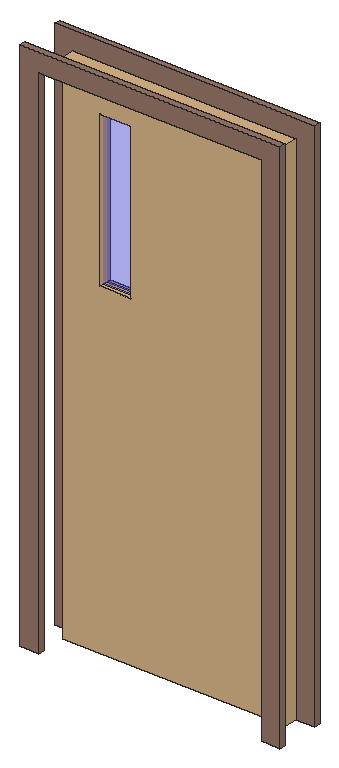
Revit family
Parameters (values of type "0915 x 2134mm")
  Thickness = 51.00 mm
  문 재료 = 문 - 패널
  프레임 재료 = 문 - 프레임
  Height = 2134.00 mm
  라이트 높이 = 635.00 mm
  라이트 폭 = 127.00 mm
  측면 난간 = 152.00 mm
  상단 난간 = 152.00 mm
  자르기 투영 = 25.00 mm
  자르기 폭 외부 = 76.00 mm
  자르기 폭 내부 = 76.00 mm
  Wall Closure = (empty or 0)
  Width = 915.00 mm
Types (7, lengths in mm): name | Height | 측면 난간 | 상단 난간 | Width
  0915 x 2134mm | 2134.00 | 152.00 | 152.00 | 915.00
  0813 x 2134mm | 2134.00 | 152.00 | 152.00 | 813.00
  0762 x 2134mm | 2134.00 | 152.00 | 152.00 | 762.00
  0762 x 2032mm | 2032.00 | 152.00 | 152.00 | 762.00
  0915 x 2032mm | 2032.00 | 154.00 | 154.00 | 915.00
  0864 x 2032mm | 2032.00 | 154.00 | 154.00 | 864.00
  0864 x 2134mm | 2134.00 | 154.00 | 154.00 | 864.00
Reference planes
  plane 1: y = 0
  plane 2: z = 0
  plane 3: x = 0
  plane 4: x = -457.5
  plane 5: x = 457.5
  plane 6: z = 2134
  plane 7: x = -305.5
  plane 8: x = -178.5
  plane 9: z = 1982
  plane 10: z = 1347
Forms (mm)
  Extrusion 1, solid, material "문 - 패널" <- "문 재료"
    sketch origin (-1524, -76.2, 0) x (1, 0, 0) y (0, 0, 1)
      loop
        line (1981.5, 2134) -> (1066.5, 2134) -> (1066.5, 0) -> (1981.5, 0) -> (1981.5, 2134)
      loop
        line (1345.5, 1982) -> (1218.5, 1982) -> (1218.5, 1347) -> (1345.5, 1347) -> (1345.5, 1982)
    from -152.4 to -101.4
  Extrusion 2, solid, material "유리"
    sketch origin (-1524, 25.2, 0) x (1, 0, 0) y (0, 0, 1)
      loop
        line (1345.5, 1982) -> (1218.5, 1982) -> (1218.5, 1347) -> (1345.5, 1347) -> (1345.5, 1982)
    from -38.3 to -31.95
  Extrusion 3, solid, material "유리"
    sketch origin (-1524, 25.2, 0) x (1, 0, 0) y (0, 0, 1)
      loop
        line (1218.5, 1982) -> (1218.5, 1347) -> (1345.5, 1347) -> (1345.5, 1982) -> (1218.5, 1982)
    from -19.25 to -12.9
  Extrusion 4, solid, material "문 - 프레임" <- "프레임 재료"
    sketch origin (-1524, -76.2, 0) x (1, 0, 0) y (0, 0, 1)
      loop
        line (1066.5, 2134) -> (1981.5, 2134) -> (1981.5, 0) -> (2057.5, 0) -> (2057.5, 2210) -> (990.5, 2210) -> (990.5, 0) -> (1066.5, 0) -> (1066.5, 2134)
    from 0 to 25
  Extrusion 5, solid, material "문 - 프레임" <- "프레임 재료"
    sketch origin (-1524, 76.2, 0) x (-1, 0, 0) y (0, 0, 1)
      loop
        line (-2057.5, 2210) -> (-2057.5, 0) -> (-1981.5, 0) -> (-1981.5, 2134) -> (-1066.5, 2134) -> (-1066.5, 0) -> (-990.5, 0) -> (-990.5, 2210) -> (-2057.5, 2210)
    from 0.4 to 25.4
Lines and regions (mm)
  Opening 1
    outline origin (-1524, -76.2, 3657.6) x (0, 0, -1) y (1, 0, 0)
      loop
        line (1523.6, 1066.5) -> (3657.6, 1066.5) -> (3657.6, 1981.5) -> (1523.6, 1981.5) -> (1523.6, 1066.5)
  symbolic lines, style "평면 스윙"
    curve 1: arc (457.5, 991.2, 0) -> (-189.503, 723.203, 0) -> (-457.5, 76.2, 0) r 915
  symbolic lines, style "DoorsPanelProjection"
    curve 2: line (457.5, 76.2, 0) -> (406.5, 76.2, 0)
    curve 3: line (457.5, 76.2, 0) -> (457.5, 991.2, 0)
    curve 4: line (457.5, 991.2, 0) -> (406.5, 991.2, 0)
    curve 5: line (406.5, 76.2, 0) -> (406.5, 991.2, 0)
  symbolic lines, style "입면도 스윙"
    curve 6: line (-457.5, 0, 2134) -> (457.5, 0, 1067)
    curve 7: line (-457.5, 0, 0) -> (457.5, 0, 1067)
Dimensions and locks
  equal spacing: plane 4, plane 3, plane 5
  "Width": plane 4 to plane 5
  host wall to curve 1 = 0.00 mm
  "Height": plane 6 to plane 2
  Extrusion 1 to Extrusion 2 to Extrusion 2 to Extrusion 3 to Extrusion 3 = 12.70 mm locked, 6.35 mm locked, 12.70 mm locked, 6.35 mm locked
  "Thickness": Extrusion 1 to Extrusion 1
  "자르기 투영": Extrusion 4 to Extrusion 4
  "자르기 투영": Extrusion 5 to Extrusion 5
  "자르기 폭 내부": Extrusion 5 sketch curve to plane 4
  "자르기 폭 내부": plane 5 to Extrusion 5 sketch curve
  "자르기 폭 내부": plane 6 to Extrusion 5 sketch curve
  "자르기 폭 외부": plane 5 to Extrusion 4 sketch curve
  "자르기 폭 외부": Extrusion 4 sketch curve to plane 4
  "자르기 폭 외부": Extrusion 4 sketch curve to plane 6
  "라이트 폭": plane 7 to plane 8
  "측면 난간": plane 4 to plane 7
  "라이트 높이": plane 9 to plane 10
  "상단 난간": plane 6 to plane 9
  "Thickness": curve 5 to plane 5
  equal spacing: plane 6, curve 7, plane 2
  aligned and locked: plane 5 to Extrusion 1 sketch curve
  aligned and locked: Extrusion 1 sketch curve to plane 6
  aligned and locked: plane 4 to Extrusion 1 sketch curve
  aligned and locked: plane 8 to Extrusion 1 sketch curve
  aligned and locked: Extrusion 1 sketch curve to plane 9
  aligned and locked: plane 10 to Extrusion 1 sketch curve
  aligned and locked: plane 7 to Extrusion 1 sketch curve
  aligned and locked: Extrusion 2 sketch curve to Extrusion 1  (x4)
  aligned and locked: plane 7 to Extrusion 3 sketch curve
  aligned and locked: plane 9 to Extrusion 3 sketch curve
  aligned and locked: Extrusion 3 sketch curve to Extrusion 1  (x2)
  aligned and locked: host wall to Extrusion 1
  aligned and locked: Extrusion 4 to host wall
Automatic sketch dimensions
  Opening 1 sketch curve to plane 6 = 0.00 mm
  Opening 1 sketch curve to level = 0.00 mm
  Opening 1 sketch curve to plane 4 = 0.00 mm
  Opening 1 sketch curve to plane 5 = 0.00 mm
  curve 1 to plane 4 = 0.00 mm
  curve 3 to plane 5 = 0.00 mm
  curve 3 to curve 1 = 0.00 mm
  Extrusion 4 sketch curve to level = 0.00 mm  (x2)
  Extrusion 4 sketch curve to plane 4 = 0.00 mm
  Extrusion 4 sketch curve to plane 5 = 0.00 mm
  Extrusion 4 sketch curve to plane 6 = 0.00 mm
  Extrusion 5 sketch curve to level = 0.00 mm  (x2)
  Extrusion 5 sketch curve to plane 5 = 0.00 mm
  Extrusion 5 sketch curve to plane 4 = 0.00 mm
  Extrusion 5 sketch curve to plane 6 = 0.00 mm
  curve 6 to plane 4 = 0.00 mm
  curve 6 to plane 6 = 0.00 mm
  curve 6 to plane 5 = 0.00 mm
  curve 7 to level = 0.00 mm
  curve 7 to plane 4 = 0.00 mm
